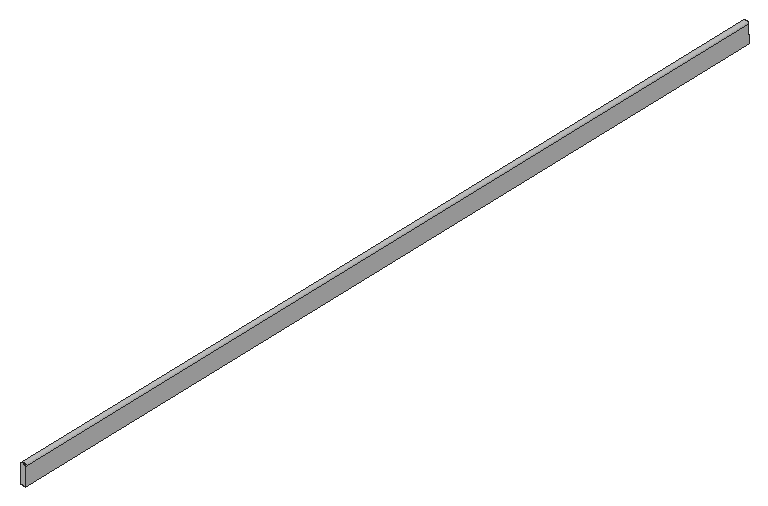
Revit family "DSM", category Specialty Equipment, host Face, Revit 2019
Family settings
  Host = Face
  Round Connector Dimension = Use Diameter
  Part Type = Normal
  Cut with Voids When Loaded = No
  Shared = No
  Room Calculation Point = No
Parameters (values of type "DSM - .5 inches")
  Width = 0' - 0 1/2"
  URL = ""
  Type Image = DSM.PNG
  Triple Bellow = no
  Tensile Strength (ASTM D3574) = "18 psi min; 145 kPa"
  Temperature Range (ASTM C711) = "185°F (85°C) to -40°F (-40°C)"
  Staining (ASTM C510) = "None"
  Single Bellow = yes
  Seal Material Note = "DSM is coated on the top traffic side with standard Sikasil WS-295 water-resistant traffic-grade silicone"
  Seal Material = Silicone - Sikasil WS-295 Deck Gray
  Rate of Air Leakage (ASTM E283) = "Passed"
  R Value Range (ASTM C518) = "1.8 per 1-inch (25mm) depth"
  Quad Bellow = no
  Product Page URL = "https://www.emseal.com/product/dsm-system-watertight-expansion-joint/"
  Product Documentataion URL = "https://bit.ly/39Y6fwv"
  Pick Resistance = no
  Movement (of Nominal Material Size) = "+50% / -50%"
  Model = "DSM"
  Manufacturer URL = "http://www.emseal.com/"
  Manufacturer = "EMSEAL Joint Systems Ltd"
  Length [instance] = 6' - 6 23/32"
  Durometer Hardness of Silicone Coating (ASTM D2240) = "Shore A: 15"
  Description = "Watertight trafficable expansion joint for decks, walkways, ramps and roadways"
  Depth = 0' - 1 3/4"
  Default Elevation = 0' - 0"
  Calc Width Triple [instance] = if(or(Width > 0' 3 131/256", Width < 0' 1 125/256"), 0' 1 1/2", Width)  # 0' - 1 1/2"
  Calc Width Single [instance] = if(Width > 0' 1 67/256", 0' 1 67/256", Width)  # 0' - 0 1/2"
  Calc Width Quad [instance] = if(or(Width > 0' 4 3/256", Width < 0' 3 131/256"), 0' 3 131/256", Width)  # 0' - 3 131/256"
  Assembly Code = "C3020200"
  ABAA Compliance = yes
Reference planes (in)
  plane 1 "Center (Front/Back)": y = 0
  plane 2: z = 0
  plane 3 "Center (Left/Right)": x = 0
  plane 4 "Width 1": x = -0.25
  plane 5 "Width 2": x = 0.25
  plane 6: y = 39.35937
  plane 7: y = -39.35938
  plane 8: z = -1.75
  plane 9 "Quad Width 1": x = -1.75586
  plane 10: x = -0.87793
  plane 11: x = 0.87793
  plane 12 "Quad Width 2": x = 1.75586
  plane 13 "Triple Width 1": x = -0.75
  plane 14 "Triple Width 2": x = 0.75
  plane 15: x = 0.25
  plane 16: x = -0.25
  plane 17 "Single Width 1": x = -0.25
  plane 18 "Single Width 2": x = 0.25
  plane 19 "Expansion Line": z = 0.03125
Forms (in)
  Extrusion 1, void
    sketch origin (0, 0, 0) x (1, 0, 0) y (0, 1, 0)
      loop
        line (-0.25, -39.35938) -> (0.25, -39.35938) -> (0.25, 39.35937) -> (-0.25, 39.35937) -> (-0.25, -39.35938)
    from 0 to -30
  Extrusion 2, solid, material "Silicone - Sikasil WS-295 Deck Gray" <- "Seal Material", detail levels coarse
    sketch origin (0, 0, 0) x (1, 0, 0) y (0, 1, 0)
      loop
        line (-0.25, 39.35937) -> (-0.25, -39.35938) -> (0.25, -39.35938) -> (0.25, 39.35937) -> (-0.25, 39.35937)
    from 0 to -1.75
  Extrusion 3, solid, material "Silicone - Sikasil WS-295 Deck Gray" <- "Seal Material", visible <- "Quad Bellow"
    sketch origin (0, 0, 0) x (1, 0, 0) y (0, 0, 1)
      loop
        line (-1.75586, -1.75) -> (1.75586, -1.75) -> (1.75586, -0.43896)
        arc (1.75586, -0.43896) -> (1.31689, 0) -> (0.87793, -0.43896) r 0.43896
        arc (0.87793, -0.43896) -> (0.43896, 0) -> (0, -0.43896) r 0.43896
        arc (0, -0.43896) -> (-0.43896, 0) -> (-0.87793, -0.43896) r 0.43896
        arc (-0.87793, -0.43896) -> (-1.31689, 0) -> (-1.75586, -0.43896) r 0.43896
        line (-1.75586, -0.43896) -> (-1.75586, -1.75)
    from 39.35938 to -39.35937
  Extrusion 4, solid, material "Silicone - Sikasil WS-295 Deck Gray" <- "Seal Material", visible <- "Triple Bellow"
    sketch origin (0, 0, 0) x (1, 0, 0) y (0, 0, 1)
      loop
        line (-0.75, -1.75) -> (0.75, -1.75) -> (0.75, -0.25)
        arc (0.75, -0.25) -> (0.5, 0) -> (0.25, -0.25) r 0.25
        arc (0.25, -0.25) -> (0, 0) -> (-0.25, -0.25) r 0.25
        arc (-0.25, -0.25) -> (-0.5, 0) -> (-0.75, -0.25) r 0.25
        line (-0.75, -0.25) -> (-0.75, -1.75)
    from 39.35938 to -39.35937
  Extrusion 5, solid, material "Silicone - Sikasil WS-295 Deck Gray" <- "Seal Material", visible <- "Single Bellow"
    sketch origin (0, 0, 0) x (1, 0, 0) y (0, 0, 1)
      loop
        line (-0.25, -1.75) -> (0.25, -1.75) -> (0.25, -0.25)
        arc (0.25, -0.25) -> (0, 0) -> (-0.25, -0.25) r 0.25
        line (-0.25, -0.25) -> (-0.25, -1.75)
    from 39.35938 to -39.35937
Lines and regions (in)
  model lines, style "Expansion Graphic"
    curve 1: line (0, 39.35937, 0.03125) -> (0, -39.35938, 0.03125)
Dimensions and locks (in)
  "Width": plane 4 "Width 1" to plane 5 "Width 2"
  equal spacing: plane 4 "Width 1", plane 3 "Center (Left/Right)", plane 5 "Width 2"
  equal spacing: plane 6, plane 1 "Center (Front/Back)", plane 7
  "Length": plane 6 to plane 7
  "Depth": plane 2 to plane 8
  equal spacing: plane 12 "Quad Width 2", plane 11, plane 3 "Center (Left/Right)", plane 10, plane 9 "Quad Width 1"
  "Calc Width Quad": plane 12 "Quad Width 2" to plane 9 "Quad Width 1"
  locked: plane 2 to Extrusion 3 sketch curve at 0
  equal spacing: plane 13 "Triple Width 1", plane 16, plane 15, plane 14 "Triple Width 2"
  "Calc Width Triple": plane 13 "Triple Width 1" to plane 14 "Triple Width 2"
  equal spacing: plane 13 "Triple Width 1", plane 3 "Center (Left/Right)", plane 14 "Triple Width 2"
  locked: plane 2 to Extrusion 4 sketch curve at 0
  equal spacing: plane 17 "Single Width 1", plane 3 "Center (Left/Right)", plane 18 "Single Width 2"
  "Calc Width Single": plane 17 "Single Width 1" to plane 18 "Single Width 2"
  locked: plane 2 to Extrusion 5 sketch curve at 0
  locked: plane 19 "Expansion Line" to level at 0.03125
  aligned and locked: plane 2 to host face
  aligned and locked: level to host face
  aligned and locked: Extrusion 1 sketch curve to plane 7
  aligned and locked: Extrusion 1 sketch curve to plane 4 "Width 1"
  aligned and locked: plane 6 to Extrusion 1 sketch curve
  aligned and locked: plane 5 "Width 2" to Extrusion 1 sketch curve
  aligned and locked: Extrusion 2 sketch curve to plane 6
  aligned and locked: plane 4 "Width 1" to Extrusion 2 sketch curve
  aligned and locked: plane 7 to Extrusion 2 sketch curve
  aligned and locked: Extrusion 2 sketch curve to plane 5 "Width 2"
  aligned and locked: Extrusion 2 to plane 8
  aligned and locked: level to Extrusion 2
  aligned and locked: Extrusion 3 sketch curve to plane 9 "Quad Width 1"
  aligned and locked: plane 12 "Quad Width 2" to Extrusion 3 sketch curve
  aligned and locked: Extrusion 3 sketch curve to plane 8
  aligned and locked: plane 6 to Extrusion 3
  aligned and locked: Extrusion 3 to plane 7
  aligned and locked: plane 13 "Triple Width 1" to Extrusion 4 sketch curve
  aligned and locked: Extrusion 4 sketch curve to plane 14 "Triple Width 2"
  aligned and locked: Extrusion 4 sketch curve to plane 8
  aligned and locked: Extrusion 4 to plane 7
  aligned and locked: plane 6 to Extrusion 4
  aligned and locked: plane 17 "Single Width 1" to Extrusion 5 sketch curve
  aligned and locked: Extrusion 5 sketch curve to plane 18 "Single Width 2"
  aligned and locked: Extrusion 5 sketch curve to plane 8
  aligned and locked: Extrusion 5 to plane 7
  aligned and locked: plane 6 to Extrusion 5
  aligned and locked: curve 1 to plane 3 "Center (Left/Right)"
  aligned and locked: plane 6 to curve 1
  aligned and locked: plane 7 to curve 1
Automatic sketch dimensions
  host sketch curve to host sketch curve = 8' - 0"  (x2)
  Extrusion 3 sketch curve to plane 10 = 0' - 0"  (x2)
  Extrusion 3 sketch curve to plane 3 "Center (Left/Right)" = 0' - 0"  (x2)
  Extrusion 3 sketch curve to plane 11 = 0' - 0"  (x2)
  plane 16 to Extrusion 4 sketch curve = 0' - 0"  (x2)
  Extrusion 4 sketch curve to plane 3 "Center (Left/Right)" = 0' - 0"
  plane 15 to Extrusion 4 sketch curve = 0' - 0"
Types in the file's own list only (14): name | Width | Triple Bellow | Single Bellow | Quad Bellow | Depth
  DSM - .75 inches | 0' - 0 3/4" | No | Yes | No | 0' - 1 3/4"
  DSM - 1 inches | 0' - 1" | No | Yes | No | 0' - 2"
  DSM - 1.25 inches | 0' - 1 1/4" | No | Yes | No | 0' - 2"
  DSM - 1.5 inches | 0' - 1 1/2" | Yes | No | No | 0' - 2 1/2"
  DSM - 1.75 inches | 0' - 1 3/4" | Yes | No | No | 0' - 2 1/2"
  DSM - 2 inches | 0' - 2" | Yes | No | No | 0' - 2 1/2"
  DSM - 2.25 inches | 0' - 2 1/4" | Yes | No | No | 0' - 2 1/2"
  DSM - 2.5inches | 0' - 2 1/2" | Yes | No | No | 0' - 2 3/4"
  DSM - 2.75 inches | 0' - 2 3/4" | Yes | No | No | 0' - 3 1/4"
  DSM - 3 inches | 0' - 3" | Yes | No | No | 0' - 3 1/4"
  DSM - 3.25 inches | 0' - 3 1/4" | No | No | Yes | 0' - 3 1/2"
  DSM - 3.5 inches | 0' - 3 1/2" | No | No | Yes | 0' - 3 1/2"
  DSM - 3.75 inches | 0' - 3 3/4" | No | No | Yes | 0' - 4"
  DSM - 4 inches | 0' - 4" | No | No | Yes | 0' - 4"
